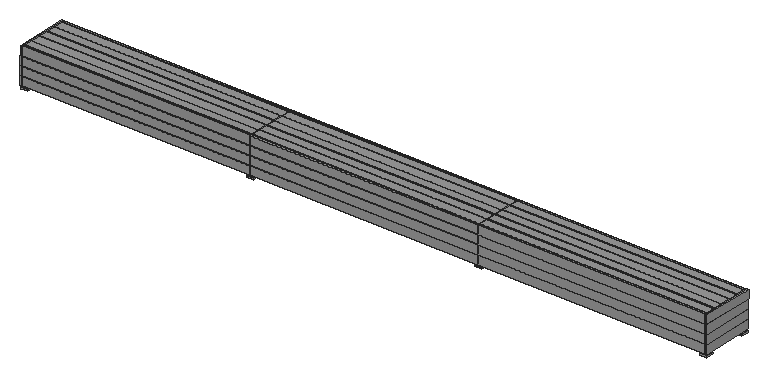
Revit family "Скамейка стальная «Верона» Арт 18694", category Антураж, Revit 2018
Family settings
  На основе рабочей плоскости = Нет
  Всегда вертикально = Да
  При загрузке вырезать с полостями = Нет
  Источник визуального образа = Геометрия семейства
  Общий = Нет
  Точка расчета площади = Нет
Parameters (values of type "Скамейка стальная «Верона»")
  Цвет опоры = Сталь
  Цвет лавки = Дерево
  Ширина = 600 mm  # constant formula
  Описание = "Скамейка стальная «Верона»"  # constant formula
  Материал изделия = "Сталь, дерево"  # constant formula
  Изображение типоразмера = Скамейка стальная «Верона» Арт 18694.jpg
  Изготовитель = "ООО «Хоббика»"  # constant formula
  Длина = 8000 mm  # constant formula
  Группа модели = "Скамейки"  # constant formula
  Высота = 450 mm  # constant formula
  Артикул товара = "Арт. 18694"  # constant formula
  URL = "https://hobbyka.ru/product/skamya_verona/"
Reference planes
  plane 1 "По центру (Вперед/Назад)": y = 0
  plane 2: z = 0
  plane 3 "По центру (Влево/Вправо)": x = 0
  plane 4: x = 8000
  plane 5: y = 600
  plane 6: z = 450
Forms (mm)
  Extrusion 1, solid, material "Дерево" <- "Цвет лавки"
    sketch origin (0, 0, 0) x (0, 1, 0) y (0, 0, 1)
      loop
        line (600, 450) -> (0, 450) -> (0, 350) -> (600, 350) -> (600, 450)
      loop
        line (600, 345) -> (0, 345) -> (0, 245) -> (600, 245) -> (600, 345)
      loop
        line (600, 240) -> (0, 240) -> (0, 140) -> (600, 140) -> (600, 240)
      loop
        line (600, 135) -> (0, 135) -> (0, 35) -> (600, 35) -> (600, 135)
    from 0 to 20
  Extrusion 2, solid, material "Дерево" <- "Цвет лавки"
    sketch origin (0, 0, 0) x (0, 1, 0) y (0, 0, 1)
      loop
        line (600, 450) -> (0, 450) -> (0, 350) -> (600, 350) -> (600, 450)
      loop
        line (600, 345) -> (0, 345) -> (0, 245) -> (600, 245) -> (600, 345)
      loop
        line (600, 240) -> (0, 240) -> (0, 140) -> (600, 140) -> (600, 240)
      loop
        line (600, 135) -> (0, 135) -> (0, 35) -> (600, 35) -> (600, 135)
    from 7980 to 8000
  Extrusion 3, solid, material "Дерево" <- "Цвет лавки"
    sketch origin (0, 0, 0) x (0, 1, 0) y (0, 0, 1)
      loop
        line (0, 450) -> (0, 350) -> (20, 350) -> (20, 450) -> (0, 450)
      loop
        line (0, 345) -> (0, 245) -> (20, 245) -> (20, 345) -> (0, 345)
      loop
        line (0, 240) -> (0, 140) -> (20, 140) -> (20, 240) -> (0, 240)
      loop
        line (0, 135) -> (0, 35) -> (20, 35) -> (20, 135) -> (0, 135)
      loop
        line (580, 450) -> (580, 350) -> (600, 350) -> (600, 450) -> (580, 450)
      loop
        line (580, 345) -> (580, 245) -> (600, 245) -> (600, 345) -> (580, 345)
      loop
        line (580, 240) -> (580, 140) -> (600, 140) -> (600, 240) -> (580, 240)
      loop
        line (580, 135) -> (580, 35) -> (600, 35) -> (600, 135) -> (580, 135)
      loop
        line (570, 450) -> (470, 450) -> (470, 430) -> (570, 430) -> (570, 450)
      loop
        line (460, 450) -> (360, 450) -> (360, 430) -> (460, 430) -> (460, 450)
      loop
        line (350, 450) -> (250, 450) -> (250, 430) -> (350, 430) -> (350, 450)
      loop
        line (240, 450) -> (140, 450) -> (140, 430) -> (240, 430) -> (240, 450)
      loop
        line (130, 450) -> (30, 450) -> (30, 430) -> (130, 430) -> (130, 450)
    from 25 to 2670
  Extrusion 4, solid, material "Дерево" <- "Цвет лавки"
    sketch origin (0, 0, 0) x (0, 1, 0) y (0, 0, 1)
      loop
        line (0, 450) -> (0, 350) -> (20, 350) -> (20, 450) -> (0, 450)
      loop
        line (0, 345) -> (0, 245) -> (20, 245) -> (20, 345) -> (0, 345)
      loop
        line (0, 240) -> (0, 140) -> (20, 140) -> (20, 240) -> (0, 240)
      loop
        line (0, 135) -> (0, 35) -> (20, 35) -> (20, 135) -> (0, 135)
      loop
        line (580, 450) -> (580, 350) -> (600, 350) -> (600, 450) -> (580, 450)
      loop
        line (580, 345) -> (580, 245) -> (600, 245) -> (600, 345) -> (580, 345)
      loop
        line (580, 240) -> (580, 140) -> (600, 140) -> (600, 240) -> (580, 240)
      loop
        line (580, 135) -> (580, 35) -> (600, 35) -> (600, 135) -> (580, 135)
      loop
        line (570, 450) -> (470, 450) -> (470, 430) -> (570, 430) -> (570, 450)
      loop
        line (460, 450) -> (360, 450) -> (360, 430) -> (460, 430) -> (460, 450)
      loop
        line (350, 450) -> (250, 450) -> (250, 430) -> (350, 430) -> (350, 450)
      loop
        line (240, 450) -> (140, 450) -> (140, 430) -> (240, 430) -> (240, 450)
      loop
        line (130, 450) -> (30, 450) -> (30, 430) -> (130, 430) -> (130, 450)
    from 2675 to 5325
  Extrusion 5, solid, material "Дерево" <- "Цвет лавки"
    sketch origin (0, 0, 0) x (0, 1, 0) y (0, 0, 1)
      loop
        line (0, 450) -> (0, 350) -> (20, 350) -> (20, 450) -> (0, 450)
      loop
        line (0, 345) -> (0, 245) -> (20, 245) -> (20, 345) -> (0, 345)
      loop
        line (0, 240) -> (0, 140) -> (20, 140) -> (20, 240) -> (0, 240)
      loop
        line (0, 135) -> (0, 35) -> (20, 35) -> (20, 135) -> (0, 135)
      loop
        line (580, 450) -> (580, 350) -> (600, 350) -> (600, 450) -> (580, 450)
      loop
        line (580, 345) -> (580, 245) -> (600, 245) -> (600, 345) -> (580, 345)
      loop
        line (580, 240) -> (580, 140) -> (600, 140) -> (600, 240) -> (580, 240)
      loop
        line (580, 135) -> (580, 35) -> (600, 35) -> (600, 135) -> (580, 135)
      loop
        line (570, 450) -> (470, 450) -> (470, 430) -> (570, 430) -> (570, 450)
      loop
        line (460, 450) -> (360, 450) -> (360, 430) -> (460, 430) -> (460, 450)
      loop
        line (350, 450) -> (250, 450) -> (250, 430) -> (350, 430) -> (350, 450)
      loop
        line (240, 450) -> (140, 450) -> (140, 430) -> (240, 430) -> (240, 450)
      loop
        line (130, 450) -> (30, 450) -> (30, 430) -> (130, 430) -> (130, 450)
    from 5330 to 7975
  Extrusion 6, solid, material "Сталь"
    sketch origin (0, 0, 0) x (0, 1, 0) y (0, 0, 1)
      loop
        line (580, 430) -> (20, 430) -> (20, 0) -> (70, 0) -> (70, 380) -> (530, 380) -> (530, 0) -> (580, 0) -> (580, 430)
    from 20 to 70
  Extrusion 7, solid, material "Сталь" <- "Цвет опоры"
    sketch origin (0, 0, 0) x (1, 0, 0) y (0, 1, 0)
      loop
        line (5, 595) -> (5, 515) -> (85, 515) -> (85, 595) -> (5, 595)
      loop
        line (85, 85) -> (5, 85) -> (5, 5) -> (85, 5) -> (85, 85)
      loop
        line (2632.5, 595) -> (2632.5, 515) -> (2712.5, 515) -> (2712.5, 595) -> (2632.5, 595)
      loop
        line (5287.5, 595) -> (5287.5, 515) -> (5367.5, 515) -> (5367.5, 595) -> (5287.5, 595)
      loop
        line (7915, 595) -> (7915, 515) -> (7995, 515) -> (7995, 595) -> (7915, 595)
      loop
        line (2712.5, 85) -> (2632.5, 85) -> (2632.5, 5) -> (2712.5, 5) -> (2712.5, 85)
      loop
        line (5367.5, 85) -> (5287.5, 85) -> (5287.5, 5) -> (5367.5, 5) -> (5367.5, 85)
      loop
        line (7995, 85) -> (7915, 85) -> (7915, 5) -> (7995, 5) -> (7995, 85)
    from 0 to 15
  Extrusion 8, solid, material "Сталь"
    sketch origin (0, 0, 0) x (0, 1, 0) y (0, 0, 1)
      loop
        line (580, 430) -> (20, 430) -> (20, 0) -> (70, 0) -> (70, 380) -> (530, 380) -> (530, 0) -> (580, 0) -> (580, 430)
    from 2647.5 to 2697.5
  Extrusion 9, solid, material "Сталь"
    sketch origin (0, 0, 0) x (0, 1, 0) y (0, 0, 1)
      loop
        line (580, 430) -> (20, 430) -> (20, 0) -> (70, 0) -> (70, 380) -> (530, 380) -> (530, 0) -> (580, 0) -> (580, 430)
    from 5302.5 to 5352.5
  Extrusion 10, solid, material "Сталь"
    sketch origin (0, 0, 0) x (0, 1, 0) y (0, 0, 1)
      loop
        line (580, 430) -> (20, 430) -> (20, 0) -> (70, 0) -> (70, 380) -> (530, 380) -> (530, 0) -> (580, 0) -> (580, 430)
    from 7930 to 7980
  Extrusion 11, solid, material "Сталь" <- "Цвет опоры"
    sketch origin (0, 0, 0) x (0, 1, 0) y (0, 0, 1)
      loop
        line (580, 430) -> (530, 430) -> (530, 380) -> (580, 380) -> (580, 430)
      loop
        line (20, 430) -> (20, 380) -> (70, 380) -> (70, 430) -> (20, 430)
      loop
        line (530, 35) -> (580, 35) -> (580, 85) -> (530, 85) -> (530, 35)
      loop
        line (70, 35) -> (70, 85) -> (20, 85) -> (20, 35) -> (70, 35)
    from 70 to 7930
Dimensions and locks
  "Длина": plane 3 "По центру (Влево/Вправо)" to plane 4
  "Ширина": plane 5 to plane 1 "По центру (Вперед/Назад)"
  "Высота": plane 6 to plane 2
  aligned and locked: level to plane 2
Automatic sketch dimensions
  Extrusion 1 sketch curve to plane 1 "По центру (Вперед/Назад)" = 0 mm  (x4)
  Extrusion 1 sketch curve to plane 5 = 0 mm  (x4)
  Extrusion 1 sketch curve to plane 6 = 0 mm
  Extrusion 1 sketch curve to plane 6 = 100 mm
  Extrusion 1 sketch curve to Extrusion 1 sketch curve = 5 mm  (x3)
  Extrusion 1 sketch curve to Extrusion 1 sketch curve = 100 mm  (x2)
  level to Extrusion 1 sketch curve = 35 mm
  Extrusion 2 sketch curve to plane 1 "По центру (Вперед/Назад)" = 0 mm  (x4)
  Extrusion 2 sketch curve to plane 5 = 0 mm  (x4)
  Extrusion 2 sketch curve to plane 6 = 0 mm
  Extrusion 2 sketch curve to plane 6 = 100 mm
  Extrusion 2 sketch curve to Extrusion 2 sketch curve = 5 mm  (x3)
  Extrusion 2 sketch curve to Extrusion 2 sketch curve = 100 mm  (x2)
  level to Extrusion 2 sketch curve = 35 mm
  Extrusion 3 sketch curve to plane 1 "По центру (Вперед/Назад)" = 0 mm  (x4)
  Extrusion 3 sketch curve to plane 6 = 0 mm  (x7)
  Extrusion 3 sketch curve to plane 5 = 0 mm  (x4)
  Extrusion 3 sketch curve to plane 1 "По центру (Вперед/Назад)" = 20 mm
  Extrusion 3 sketch curve to Extrusion 3 sketch curve = 0 mm  (x7)
  Extrusion 3 sketch curve to Extrusion 3 sketch curve = 10 mm  (x6)
  Extrusion 3 sketch curve to plane 6 = 20 mm  (x3)
  Extrusion 3 sketch curve to Extrusion 3 sketch curve = 100 mm  (x8)
  Extrusion 3 sketch curve to plane 5 = 30 mm
  Extrusion 3 sketch curve to Extrusion 3 sketch curve = 20 mm
  Extrusion 3 sketch curve to Extrusion 3 sketch curve = 80 mm
  Extrusion 3 sketch curve to plane 6 = 100 mm
  Extrusion 3 sketch curve to Extrusion 3 sketch curve = 5 mm  (x6)
  level to Extrusion 3 sketch curve = 35 mm  (x2)
  Extrusion 4 sketch curve to plane 1 "По центру (Вперед/Назад)" = 0 mm  (x4)
  Extrusion 4 sketch curve to plane 6 = 0 mm  (x7)
  Extrusion 4 sketch curve to plane 5 = 0 mm  (x4)
  Extrusion 4 sketch curve to plane 1 "По центру (Вперед/Назад)" = 20 mm
  Extrusion 4 sketch curve to Extrusion 4 sketch curve = 0 mm  (x7)
  Extrusion 4 sketch curve to Extrusion 4 sketch curve = 10 mm  (x6)
  Extrusion 4 sketch curve to plane 6 = 20 mm  (x3)
  Extrusion 4 sketch curve to Extrusion 4 sketch curve = 100 mm  (x8)
  Extrusion 4 sketch curve to plane 5 = 30 mm
  Extrusion 4 sketch curve to Extrusion 4 sketch curve = 20 mm
  Extrusion 4 sketch curve to Extrusion 4 sketch curve = 80 mm
  Extrusion 4 sketch curve to plane 6 = 100 mm
  Extrusion 4 sketch curve to Extrusion 4 sketch curve = 5 mm  (x6)
  level to Extrusion 4 sketch curve = 35 mm  (x2)
  Extrusion 5 sketch curve to plane 1 "По центру (Вперед/Назад)" = 0 mm  (x4)
  Extrusion 5 sketch curve to plane 6 = 0 mm  (x7)
  Extrusion 5 sketch curve to plane 5 = 0 mm  (x4)
  Extrusion 5 sketch curve to plane 1 "По центру (Вперед/Назад)" = 20 mm
  Extrusion 5 sketch curve to Extrusion 5 sketch curve = 0 mm  (x7)
  Extrusion 5 sketch curve to Extrusion 5 sketch curve = 10 mm  (x6)
  Extrusion 5 sketch curve to plane 6 = 20 mm  (x3)
  Extrusion 5 sketch curve to Extrusion 5 sketch curve = 100 mm  (x8)
  Extrusion 5 sketch curve to plane 5 = 30 mm
  Extrusion 5 sketch curve to Extrusion 5 sketch curve = 20 mm
  Extrusion 5 sketch curve to Extrusion 5 sketch curve = 80 mm
  Extrusion 5 sketch curve to plane 6 = 100 mm
  Extrusion 5 sketch curve to Extrusion 5 sketch curve = 5 mm  (x6)
  level to Extrusion 5 sketch curve = 35 mm  (x2)
  Extrusion 6 sketch curve to level = 0 mm  (x2)
  Extrusion 6 sketch curve to plane 1 "По центру (Вперед/Назад)" = 20 mm
  Extrusion 6 sketch curve to Extrusion 6 sketch curve = 50 mm
  Extrusion 6 sketch curve to plane 5 = 70 mm
  Extrusion 6 sketch curve to plane 5 = 20 mm
  Extrusion 6 sketch curve to plane 6 = 70 mm
  Extrusion 6 sketch curve to plane 6 = 20 mm
  plane 3 "По центру (Влево/Вправо)" to Extrusion 7 sketch curve = 5 mm  (x2)
  Extrusion 7 sketch curve to plane 5 = 5 mm  (x4)
  Extrusion 7 sketch curve to Extrusion 7 sketch curve = 80 mm  (x11)
  Extrusion 7 sketch curve to plane 1 "По центру (Вперед/Назад)" = 5 mm  (x4)
  Extrusion 7 sketch curve to Extrusion 7 sketch curve = 2547.5 mm
  Extrusion 7 sketch curve to plane 1 "По центру (Вперед/Назад)" = 85 mm  (x2)
  Extrusion 7 sketch curve to Extrusion 7 sketch curve = 0 mm  (x2)
  Extrusion 7 sketch curve to Extrusion 7 sketch curve = 2575 mm
  Extrusion 7 sketch curve to plane 4 = 85 mm  (x2)
  Extrusion 7 sketch curve to plane 4 = 5 mm  (x2)
  Extrusion 7 sketch curve to plane 5 = 85 mm
  Extrusion 8 sketch curve to level = 0 mm  (x2)
  Extrusion 8 sketch curve to plane 1 "По центру (Вперед/Назад)" = 20 mm
  Extrusion 8 sketch curve to Extrusion 8 sketch curve = 50 mm
  Extrusion 8 sketch curve to plane 5 = 70 mm
  Extrusion 8 sketch curve to plane 5 = 20 mm
  Extrusion 8 sketch curve to plane 6 = 70 mm
  Extrusion 8 sketch curve to plane 6 = 20 mm
  Extrusion 9 sketch curve to level = 0 mm  (x2)
  Extrusion 9 sketch curve to plane 1 "По центру (Вперед/Назад)" = 20 mm
  Extrusion 9 sketch curve to Extrusion 9 sketch curve = 50 mm
  Extrusion 9 sketch curve to plane 5 = 70 mm
  Extrusion 9 sketch curve to plane 5 = 20 mm
  Extrusion 9 sketch curve to plane 6 = 70 mm
  Extrusion 9 sketch curve to plane 6 = 20 mm
  Extrusion 10 sketch curve to level = 0 mm  (x2)
  Extrusion 10 sketch curve to plane 1 "По центру (Вперед/Назад)" = 20 mm
  Extrusion 10 sketch curve to Extrusion 10 sketch curve = 50 mm
  Extrusion 10 sketch curve to plane 5 = 70 mm
  Extrusion 10 sketch curve to plane 5 = 20 mm
  Extrusion 10 sketch curve to plane 6 = 70 mm
  Extrusion 10 sketch curve to plane 6 = 20 mm
  Extrusion 11 sketch curve to plane 1 "По центру (Вперед/Назад)" = 20 mm  (x2)
  Extrusion 11 sketch curve to plane 6 = 20 mm  (x2)
  Extrusion 11 sketch curve to Extrusion 11 sketch curve = 50 mm  (x6)
  level to Extrusion 11 sketch curve = 35 mm  (x2)
  Extrusion 11 sketch curve to plane 5 = 70 mm  (x2)
  Extrusion 11 sketch curve to plane 5 = 20 mm  (x2)
